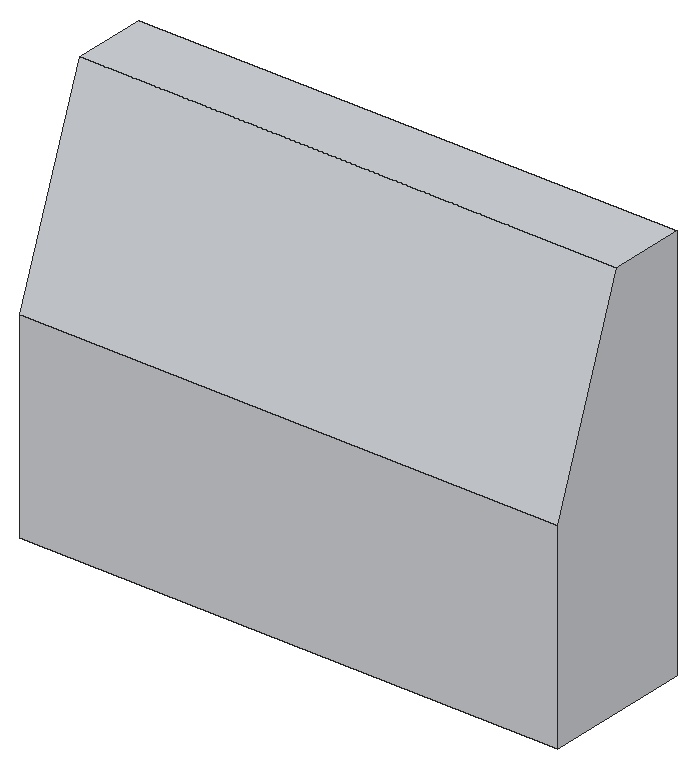
Revit family "01600-W", category Instalační zařizovací předměty, Revit 2016
Family settings
  Typ součásti = Normální
  Kóta kulaté spojky = Použít průměr
  Číslo OmniClass = 23.45.05.00
  Nadpis OmniClass = Sanitary Equipment
  Založené na pracovní rovině = Ne
  Vždy vertikální = Ano
  Ořezat dutým tvarem při načtení = Ne
  Sdílené = Ne
  Bod výpočtu místnosti = Ne
Parameters
  Warranty = "2"
  WIDTH = 363 mm
  WEIGHT = 4.00 kg
  Výrobce = "Nofer"
  Utility frequency = 0
  Surface finish = "White"
  Připojení ventilace = no
  Připojení odpadu = no
  Připojení HW = no
  Připojení CW = no
  Product URL link = "http://www.nofer.co.uk/en/collectives/handryers/thin/01600-W"
  Power supply = 0 V
  Power input = 2350 W
  Noise level = 69
  MATERIAL = none
  IP code = "IPX1"
  HEIGHT = 269 mm
  Electric class = "I"
  DEPTH = 100 mm
  Article number = "01600.W"
  Air temperature [°C] = 39 °C
  Air speed = 90.00 kg/m²
Reference planes
  plane 1 "Střed (vpředu/vzadu)": y = 0
  plane 2: z = 0
  plane 3 "Střed (vlevo/vpravo)": x = 0
  plane 4: z = 0
  plane 5: z = 269
  plane 6: y = -100
  plane 7: x = 181.5
  plane 8: x = -181.5
  plane 9: z = 134.5
  plane 10: y = -50
Forms (mm)
  Extrusion 1, solid, material <- "MATERIAL", detail levels medium+fine
    sketch origin (0, 0, 0) x (0, 1, 0) y (0, 0, 1)
      loop
        line (0, 269) -> (-50, 269) -> (-100, 134.5) -> (-100, 0) -> (0, 0) -> (0, 269)
    from -181.5 to 181.5
  Extrusion 2, solid, material <- "MATERIAL", detail levels coarse
    sketch origin (0, 0, 0) x (0, 1, 0) y (0, 0, 1)
      loop
        line (0, 269) -> (-100, 269) -> (-100, 0) -> (0, 0) -> (0, 269)
    from -181.5 to 181.5
Dimensions and locks
  equal spacing: plane 8, plane 3 "Střed (vlevo/vpravo)", plane 7
  "WIDTH": plane 8 to plane 7
  "DEPTH": plane 6 to plane 1 "Střed (vpředu/vzadu)"
  equal spacing: plane 5, plane 9, plane 4
  equal spacing: plane 1 "Střed (vpředu/vzadu)", plane 10, plane 6
  "DEPTH": plane 1 "Střed (vpředu/vzadu)" to plane 6
  "HEIGHT": plane 5 to level
  aligned and locked: level to plane 2
  aligned and locked: plane 5 to Extrusion 1 sketch curve
  aligned and locked: Extrusion 1 sketch curve to plane 1 "Střed (vpředu/vzadu)"
  aligned and locked: Extrusion 1 sketch curve to plane 4
  aligned and locked: Extrusion 1 sketch curve to plane 6
  aligned and locked: plane 10 to Extrusion 1 sketch curve
  aligned and locked: plane 9 to Extrusion 1 sketch curve
  aligned and locked: Extrusion 1 to plane 8
  aligned and locked: plane 7 to Extrusion 1
  aligned and locked: Extrusion 2 to plane 8
  aligned and locked: plane 7 to Extrusion 2
  aligned and locked: Extrusion 2 to level
Automatic sketch dimensions
  Extrusion 2 sketch curve to plane 5 = 0 mm
  Extrusion 2 sketch curve to plane 6 = 0 mm
  Extrusion 2 sketch curve to plane 1 "Střed (vpředu/vzadu)" = 0 mm
  level to Extrusion 2 sketch curve = 0 mm
